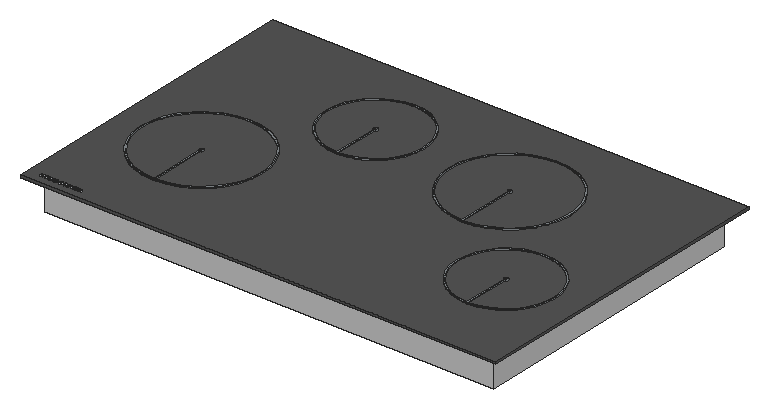
Revit family "FP_Revit_18_CI804CTB1_Cooktop_90001895A", category Specialty Equipment, Revit 2018
Family settings
  Round Connector Dimension = Use Diameter
  Part Type = Normal
  OmniClass Number = 23.40.40.14.17.11
  OmniClass Title = Cookers, Ovens, Stoves
  Work Plane-Based = No
  Always vertical = Yes
  Cut with Voids When Loaded = Yes
  Shared = No
  Room Calculation Point = No
Parameters
  Visibility - Clearance Required = yes
  URL = "www.fisherpaykel.com"
  Product - Width = 800 mm  # constant formula
  Product - Height = 61 mm  # constant formula
  Product - Depth = 530 mm  # constant formula
  Model = "CI804CTB1"
  Material - Graphics = Fisher & Paykel - Graphics Grey
  Material - Glass = Fisher & Paykel - Glass, Black
  Material - Body = Fisher & Paykel - Grey
  Manufacturer = "Fisher & Paykel Appliances"
  FFL Offset [instance] = 900 mm
  Description = "80cm Induction Cooktop"
  Connector Note - Electrical = "220-240 V, 32 A, 50 Hz,"
  Clearance - Side Combustible = 30 mm  # constant formula
  Clearance - Rear Combustible = 30 mm  # constant formula
  Clearance - Overhead Rangehood = 650 mm  # constant formula
  Clearance - Overhead Non-Combustible = 450 mm  # constant formula
  Clearance - Below = 72 mm  # constant formula
  Chassis - Width = 755 mm  # constant formula
  Chassis - Height = 56 mm  # constant formula
  Chassis - Depth = 485 mm  # constant formula
  Cavity - Width = 760 mm  # constant formula
  Cavity - Height = 72 mm  # constant formula
  Cavity - Depth = 490 mm  # constant formula
Reference planes
  plane 1 "Datum": y = 0
  plane 2: z = 0
  plane 3 "Center (Left/Right)": x = 0
  plane 4 "Product LHS": x = -400
  plane 5 "Product RHS": x = 400
  plane 6 "Product - Depth": y = 530
  plane 7 "Cavity LHS": x = -380
  plane 8 "Cavity RHS": x = 380
  plane 9 "Cavity - Depth": y = 510
  plane 10 "Chassis Front": y = 22.5
  plane 11 "Chassis - Depth": y = 507.5
  plane 12 "Cavity - Front": y = 20
  plane 13 "Benchtop": z = 900
  plane 14 "Glass": z = 905
Forms (mm)
  Extrusion 1, solid, material "Fisher & Paykel - Glass, Black" <- "Material - Glass"
    sketch origin (0, 0, 0) x (0, 1, 0) y (0, 0, 1)
      loop
        line (530, 905) -> (0, 905) -> (0, 901) -> (530, 901) -> (530, 905)
    from -400 to 400
  Extrusion 2, solid, material "Fisher & Paykel - Clearance Required (Cutout)", visible <- "Visibility - Clearance Required", detail levels coarse
    sketch origin (0, 24.768, 0) x (1, 0, 0) y (0, 1, 0)
      loop
        line (-380, 485.232) -> (-380, -4.768) -> (380, -4.768) -> (380, 485.232) -> (-380, 485.232)
    from 828 to 900
  Extrusion 3, solid, material "Fisher & Paykel - Clearance Required (Rangehood)", visible <- "Visibility - Clearance Required", detail levels coarse
    sketch origin (0, 0, 0) x (1, 0, 0) y (0, 1, 0)
      loop
        line (-407.5, 0) -> (407.5, 0) -> (407.5, 540) -> (-407.5, 540) -> (-407.5, 0)
    from 1350 to 1550
  Extrusion 4, solid, material "Fisher & Paykel - Grey" <- "Material - Body"
    sketch origin (0, 0, 0) x (0, 1, 0) y (0, 0, 1)
      loop
        line (507.5, 846.5) -> (507.5, 900) -> (22.5, 900) -> (22.5, 846.5) -> (507.5, 846.5)
    from -377.5 to 377.5
  Extrusion 5, solid, material "Fisher & Paykel - Grey" <- "Material - Body"
    sketch origin (-151, 0, 0) x (1, 0, 0) y (0, 1, 0)
      loop
        line (-239, 520.2) -> (-239, 10) -> (541, 10) -> (541, 520.2) -> (-239, 520.2)
    from 900 to 901
  Extrusion 6, solid, material "Fisher & Paykel - Graphics Grey" <- "Material - Graphics", detail levels fine
    sketch origin (0, 0, 0) x (1, 0, 0) y (0, 1, 0)
      loop
        circle (-111.47, 385.838) r 82.262
      loop
        circle (-111.47, 385.838) r 1.976
      loop
        line (-112.302, 382.675) -> (-112.302, 305.432)
        arc (-112.302, 305.432) -> (-111.47, 466.249) -> (-110.636, 305.432) r 80.411
        line (-110.636, 305.432) -> (-110.636, 382.675)
        arc (-110.636, 382.675) -> (-111.47, 389.109) -> (-112.302, 382.675) r 3.271
      loop
        circle (273.067, 179.237) r 82.262
      loop
        circle (273.067, 179.237) r 1.976
      loop
        line (272.235, 176.075) -> (272.235, 98.832)
        arc (272.235, 98.832) -> (273.066, 259.647) -> (273.901, 98.832) r 80.41
        line (273.901, 98.832) -> (273.901, 176.075)
        arc (273.901, 176.075) -> (273.066, 182.508) -> (272.235, 176.075) r 3.27
      loop
        circle (130.288, 365.932) r 1.826
      loop
        circle (130.288, 365.932) r 101.825
      loop
        line (129.558, 362.992) -> (129.558, 266.049)
        arc (129.558, 266.049) -> (130.294, 465.817) -> (131.05, 266.049) r 99.885
        line (131.05, 266.049) -> (131.05, 363.011)
        arc (131.05, 363.011) -> (130.229, 368.967) -> (129.558, 362.992) r 3.03
      loop
        circle (-255.334, 199.998) r 1.826
      loop
        circle (-255.334, 199.998) r 101.825
      loop
        line (-256.064, 197.059) -> (-256.064, 100.116)
        arc (-256.064, 100.116) -> (-255.329, 299.884) -> (-254.572, 100.116) r 99.885
        line (-254.572, 100.116) -> (-254.572, 197.078)
        arc (-254.572, 197.078) -> (-255.394, 203.033) -> (-256.064, 197.059) r 3.03
    from 905 to 906
  Extrusion 7, solid, material "Fisher & Paykel - Grey" <- "Material - Body", detail levels fine
    sketch origin (0, 0, 0) x (1, 0, 0) y (0, 1, 0)
      loop
        circle (0, 491.7) r 4
    from 831 to 844
  Extrusion 8, solid, material "Fisher & Paykel - Grey" <- "Material - Body", detail levels medium+fine
    sketch origin (0, 0, 0) x (0, 1, 0) y (0, 0, 1)
      loop
        line (410, 846.5) -> (410, 844) -> (501.4, 844) -> (501.4, 846.5) -> (410, 846.5)
    from -27 to 27
  Extrusion 9, solid, material "Fisher & Paykel - Clearance Required", visible <- "Visibility - Clearance Required", detail levels coarse
    sketch origin (0, 0, 0) x (1, 0, 0) y (0, 1, 0)
      loop
        line (-407.5, 0) -> (407.5, 0) -> (407.5, 540) -> (-407.5, 540) -> (-407.5, 0)
    from 900 to 1350
  Extrusion 10, void
    sketch origin (0, 24.768, 0) x (1, 0, 0) y (0, 1, 0)
      loop
        line (-380, 485.232) -> (-380, -4.768) -> (380, -4.768) -> (380, 485.232) -> (-380, 485.232)
    from 828 to 900
Text (mm)
  text "Due to ongoing product development, product details are subject to change without notice. \nPlease always refer to www.fisherpaykel.com for the most current product information. \n© Fisher & Paykel 2020" at (41.04, -502.478, 0), in view "Ref. Level (Plan)"
Dimensions and locks
  equal spacing: plane 4 "Product LHS", plane 3 "Center (Left/Right)", plane 5 "Product RHS"
  "Product - Width": plane 4 "Product LHS" to plane 5 "Product RHS"
  equal spacing: plane 7 "Cavity LHS", plane 3 "Center (Left/Right)", plane 8 "Cavity RHS"
  "Cavity - Width": plane 7 "Cavity LHS" to plane 8 "Cavity RHS"
  "Product - Depth": Extrusion 1 to plane 1 "Datum"
  equal spacing: Extrusion 4, plane 3 "Center (Left/Right)", Extrusion 4
  "Chassis - Width": Extrusion 4 to Extrusion 4
  equal spacing: Extrusion 5, plane 3 "Center (Left/Right)", Extrusion 5
  locked: plane 14 "Glass" to plane 13 "Benchtop" at 5
  "FFL Offset": plane 13 "Benchtop" to level
  "Clearance - Below": plane 13 "Benchtop" to Extrusion 2
  locked: Extrusion 6 to plane 14 "Glass" at 1
  locked: nested 1 to plane 14 "Glass" at 0.8
  "Clearance - Rear Combustible": Extrusion 3 to plane 9 "Cavity - Depth"
  locked: plane 10 "Chassis Front" to plane 1 "Datum" at 22.5
  locked: plane 10 "Chassis Front" to plane 12 "Cavity - Front" at 2.5
  "Cavity - Depth": plane 9 "Cavity - Depth" to plane 12 "Cavity - Front"
  equal spacing: Extrusion 8, plane 3 "Center (Left/Right)", Extrusion 8
  "Clearance - Overhead Rangehood": Extrusion 3 to plane 13 "Benchtop"
  "Chassis - Height": plane 13 "Benchtop" to Extrusion 8
  locked: Extrusion 4 to plane 13 "Benchtop" at 53.5
  locked: Extrusion 7 to plane 13 "Benchtop" at 69
  locked: Extrusion 1 to plane 13 "Benchtop" at 1
  plane 1 "Datum" to Extrusion 1 = 530 mm
  "Clearance - Overhead Non-Combustible": Extrusion 3 to plane 13 "Benchtop"
  "Clearance - Side Combustible": Extrusion 3 to Extrusion 4
  "Clearance - Side Combustible": Extrusion 4 to Extrusion 3
  aligned and locked: level to plane 2
  aligned and locked: Extrusion 1 to plane 5 "Product RHS"
  aligned and locked: plane 4 "Product LHS" to Extrusion 1
  aligned and locked: Extrusion 2 to plane 9 "Cavity - Depth"
  aligned and locked: plane 11 "Chassis - Depth" to Extrusion 4
  aligned and locked: Extrusion 4 to Extrusion 5
  aligned and locked: plane 13 "Benchtop" to Extrusion 4
  aligned and locked: Extrusion 2 to Extrusion 4
  aligned and locked: Extrusion 5 to Extrusion 1
  aligned and locked: Extrusion 7 to Extrusion 8
  aligned and locked: Extrusion 8 to Extrusion 4
  aligned and locked: Extrusion 6 to Extrusion 1
  aligned and locked: plane 14 "Glass" to Extrusion 1
  aligned and locked: Extrusion 9 to Extrusion 3  (x2)
  aligned and locked: Extrusion 9 to plane 13 "Benchtop"
  aligned and locked: Extrusion 10 to Extrusion 2  (x2)
  aligned and locked: Extrusion 3 to Extrusion 9  (x2)
Automatic sketch dimensions
  Extrusion 1 sketch curve to plane 1 "Datum" = 0 mm
  Extrusion 1 sketch curve to plane 6 "Product - Depth" = 0 mm
  Extrusion 1 sketch curve to plane 14 "Glass" = 0 mm
  plane 13 "Benchtop" to Extrusion 1 sketch curve = 1 mm
  Extrusion 2 sketch curve to plane 12 "Cavity - Front" = 0 mm
  plane 9 "Cavity - Depth" to Extrusion 2 sketch curve = 0 mm
  plane 7 "Cavity LHS" to Extrusion 2 sketch curve = 0 mm
  Extrusion 2 sketch curve to plane 8 "Cavity RHS" = 0 mm
  Extrusion 4 sketch curve to plane 10 "Chassis Front" = 0 mm
  Extrusion 4 sketch curve to plane 11 "Chassis - Depth" = 0 mm
  Extrusion 4 sketch curve to plane 13 "Benchtop" = 0 mm
  Extrusion 4 sketch curve to plane 13 "Benchtop" = 53.5 mm
  Extrusion 6 sketch curve to Extrusion 6 sketch curve = 0 mm  (x19)
  Extrusion 6 sketch curve to plane 7 "Cavity LHS" = 123.936 mm
  Extrusion 6 sketch curve to Extrusion 6 sketch curve = 0.709 mm  (x2)
  Extrusion 6 sketch curve to Extrusion 6 sketch curve = 0.021 mm  (x2)
  Extrusion 6 sketch curve to Extrusion 6 sketch curve = 0.011 mm  (x2)
  Extrusion 6 sketch curve to Extrusion 6 sketch curve = 1.492 mm  (x2)
  Extrusion 6 sketch curve to plane 3 "Center (Left/Right)" = 111.47 mm
  Extrusion 6 sketch curve to Extrusion 6 sketch curve = 0.834 mm
  plane 3 "Center (Left/Right)" to Extrusion 6 sketch curve = 129.558 mm
  plane 8 "Cavity RHS" to Extrusion 6 sketch curve = 107.765 mm
  Extrusion 6 sketch curve to Extrusion 6 sketch curve = 0.832 mm
  Extrusion 6 sketch curve to Extrusion 6 sketch curve = 1.666 mm  (x2)
  plane 10 "Chassis Front" to Extrusion 6 sketch curve = 76.332 mm
  plane 10 "Chassis Front" to Extrusion 6 sketch curve = 77.616 mm
  Extrusion 6 sketch curve to Extrusion 6 sketch curve = 77.243 mm  (x2)
  Extrusion 6 sketch curve to Extrusion 6 sketch curve = 96.943 mm  (x2)
  Extrusion 6 sketch curve to Extrusion 6 sketch curve = 0.019 mm  (x2)
  Extrusion 6 sketch curve to Extrusion 6 sketch curve = 0.006 mm  (x2)
  Extrusion 6 sketch curve to Extrusion 6 sketch curve = 86.811 mm
  Extrusion 6 sketch curve to Extrusion 6 sketch curve = 105.434 mm
  Extrusion 6 sketch curve to Extrusion 6 sketch curve = 3.163 mm
  Extrusion 7 sketch curve to plane 3 "Center (Left/Right)" = 0 mm
  Extrusion 7 sketch curve to plane 11 "Chassis - Depth" = 15.8 mm
  Extrusion 8 sketch curve to plane 11 "Chassis - Depth" = 97.5 mm
  Extrusion 8 sketch curve to plane 11 "Chassis - Depth" = 6.1 mm
  Extrusion 8 sketch curve to plane 13 "Benchtop" = 56 mm
  Extrusion 8 sketch curve to Extrusion 8 sketch curve = 2.5 mm
  plane 1 "Datum" to Extrusion 9 sketch curve = 0 mm
  plane 4 "Product LHS" to Extrusion 9 sketch curve = 7.5 mm
  Extrusion 9 sketch curve to plane 5 "Product RHS" = 7.5 mm
  plane 6 "Product - Depth" to Extrusion 9 sketch curve = 10 mm
  Extrusion 10 sketch curve to plane 12 "Cavity - Front" = 0 mm
  plane 9 "Cavity - Depth" to Extrusion 10 sketch curve = 0 mm
  plane 7 "Cavity LHS" to Extrusion 10 sketch curve = 0 mm
  Extrusion 10 sketch curve to plane 8 "Cavity RHS" = 0 mm
  Extrusion 5 sketch curve to plane 4 "Product LHS" = 10 mm
  plane 5 "Product RHS" to Extrusion 5 sketch curve = 10 mm
  Extrusion 5 sketch curve to plane 1 "Datum" = 10 mm
  Extrusion 5 sketch curve to plane 6 "Product - Depth" = 9.8 mm
  plane 1 "Datum" to Extrusion 3 sketch curve = 0 mm
  plane 6 "Product - Depth" to Extrusion 3 sketch curve = 10 mm
  plane 4 "Product LHS" to Extrusion 3 sketch curve = 7.5 mm
  Extrusion 3 sketch curve to plane 8 "Cavity RHS" = 27.5 mm
  radius of Extrusion 6 sketch curve = 82.262 mm  (x2)
  radius of Extrusion 6 sketch curve = 1.976 mm  (x2)
  radius of Extrusion 6 sketch curve = 1.826 mm  (x2)
  radius of Extrusion 6 sketch curve = 101.825 mm  (x2)
  radius of Extrusion 7 sketch curve = 4 mm
Nested families
  nested 1: "F&P Logo 70mm Horizontal" at (-344.001, 14.253, 905), type "F&P Logo 70mm Horizontal"
Connectors
  electrical at (0, 491.7, 831), driven by "Connector Note - Electrical"
    settings: on Extrusion 7, index 1, voltage 230 V, apparent load 0 VA, apparent load phase1 0 VA, apparent load phase2 0 VA, apparent load phase3 0 VA, power factor 1, load classification "Other", number of poles 1, system type 30, power factor state 1, is connector primary yes, connector utility no, sub classification motor no, connector description "220-240 V, 32 A, 50 Hz,"
Definition of nested family "F&P Logo 70mm Horizontal"
  Parameters (values of type "F&P Logo 70mm Horizontal")
    URL = "www.fisherpaykel.com"
    Material - Logo = none
    Manufacturer = "Fisher & Paykel Appliances"
  Reference planes
    plane 1 "Center (Front/Back)": y = 0
    plane 2: z = 0
    plane 3 "Center (Left/Right)": x = 0
  Forms (mm)
    Extrusion 1, solid, material <- "Material - Logo", detail levels fine
      sketch origin (0, 0, 0) x (1, 0, 0) y (0, 1, 0)
        loop
          line (-34.997, -0.356) -> (-33.895, -0.356) -> (-33.895, 1.141) -> (-32.174, 1.141) -> (-32.174, 2.075) -> (-33.895, 2.075) -> (-33.895, 2.943) -> (-32.023, 2.943) -> (-32.023, 3.872) -> (-34.997, 3.872) -> (-34.997, -0.356)
        loop
          line (-29.929, 3.872) -> (-29.929, -0.356) -> (-28.828, -0.356) -> (-28.828, 3.872) -> (-29.929, 3.872)
        loop
          line (-21.473, 3.872) -> (-21.473, -0.356) -> (-20.372, -0.356) -> (-20.372, 1.338) -> (-18.754, 1.338) -> (-18.754, -0.356) -> (-17.652, -0.356) -> (-17.652, 3.872) -> (-18.754, 3.872) -> (-18.754, 2.268) -> (-20.372, 2.268) -> (-20.372, 3.872) -> (-21.473, 3.872)
        loop
          line (-15.301, 3.872) -> (-15.301, -0.356) -> (-12.288, -0.356) -> (-12.288, 0.444) -> (-14.209, 0.444) -> (-14.209, 1.338) -> (-12.453, 1.338) -> (-12.453, 2.268) -> (-14.209, 2.268) -> (-14.209, 3.072) -> (-12.288, 3.072) -> (-12.288, 3.872) -> (-15.301, 3.872)
        loop
          line (32, 3.872) -> (32, -0.356) -> (35.003, -0.356) -> (35.003, 0.574) -> (33.102, 0.574) -> (33.102, 3.872) -> (32, 3.872)
        loop
          line (29.735, 3.872) -> (26.712, 3.872) -> (26.712, -0.356) -> (29.735, -0.356) -> (29.735, 0.444) -> (27.814, 0.444) -> (27.814, 1.338) -> (29.57, 1.338) -> (29.57, 2.268) -> (27.814, 2.268) -> (27.814, 3.072) -> (29.735, 3.072) -> (29.735, 3.872)
        loop
          line (23.449, 1.848) -> (25.012, 3.872) -> (23.724, 3.872) -> (22.374, 2.124) -> (22.374, 3.872) -> (21.273, 3.872) -> (21.273, -0.356) -> (22.374, -0.356) -> (22.374, 1.538) -> (23.765, -0.356) -> (25.067, -0.356) -> (23.449, 1.848)
        loop
          line (15.42, 3.872) -> (17.017, 1.338) -> (17.017, -0.356) -> (18.119, -0.356) -> (18.119, 1.283) -> (19.717, 3.872) -> (18.546, 3.872) -> (17.603, 2.239) -> (16.66, 3.872) -> (15.42, 3.872)
        loop
          line (12.969, 3.872) -> (11.922, 3.872) -> (10.2, -0.356) -> (11.282, -0.356) -> (11.585, 0.422) -> (13.278, 0.422) -> (13.581, -0.356) -> (14.69, -0.356) -> (12.969, 3.872)
        loop
          line (12.913, 1.352) -> (12.419, 2.566) -> (11.946, 1.352) -> (12.913, 1.352)
        loop
          line (5.556, 3.872) -> (5.556, -0.356) -> (6.653, -0.356) -> (6.653, 1.001) -> (7.453, 1.001)
          spline (7.453, 1.001) -> (7.884, 1.05) -> (8.285, 1.193) -> (8.63, 1.421) -> (8.895, 1.719) -> (9.061, 2.065) -> (9.118, 2.436) -> (9.061, 2.808) -> (8.895, 3.154) -> (8.63, 3.452) -> (8.285, 3.68) -> (7.884, 3.823) -> (7.453, 3.872)
          line (7.453, 3.872) -> (5.556, 3.872)
        loop
          spline (7.385, 1.882) -> (7.558, 1.9) -> (7.72, 1.953) -> (7.858, 2.037) -> (7.965, 2.147) -> (8.032, 2.275) -> (8.055, 2.412) -> (8.032, 2.55) -> (7.965, 2.677) -> (7.858, 2.787) -> (7.72, 2.872) -> (7.558, 2.924) -> (7.385, 2.943)
          line (7.385, 2.943) -> (6.585, 2.943) -> (6.585, 1.882) -> (7.385, 1.882)
        loop
          line (-8.294, 2.943) -> (-9.094, 2.943) -> (-9.094, 1.781) -> (-8.294, 1.781)
          spline (-8.294, 1.781) -> (-8.121, 1.801) -> (-7.96, 1.859) -> (-7.822, 1.951) -> (-7.716, 2.072) -> (-7.649, 2.212) -> (-7.626, 2.362) -> (-7.649, 2.512) -> (-7.716, 2.652) -> (-7.822, 2.772) -> (-7.96, 2.865) -> (-8.121, 2.923) -> (-8.294, 2.943)
        loop
          line (-8.214, 3.872) -> (-10.262, 3.872) -> (-10.262, -0.356) -> (-9.094, -0.356) -> (-9.094, 0.492) -> (-8.294, 0.492) -> (-7.647, -0.356) -> (-6.373, -0.356) -> (-7.445, 1.016)
          spline (-7.445, 1.016) -> (-7.148, 1.205) -> (-6.902, 1.45) -> (-6.72, 1.739) -> (-6.611, 2.058) -> (-6.58, 2.391) -> (-6.628, 2.723) -> (-6.754, 3.037) -> (-6.95, 3.317) -> (-7.208, 3.551) -> (-7.515, 3.726) -> (-7.856, 3.835) -> (-8.214, 3.872)
        loop
          line (0.368, 2.943) -> (0.368, 3.951) -> (-2.559, 3.951) -> (-2.559, 3.151) -> (-2.048, 2.522)
          spline (-2.048, 2.522) -> (-2.373, 2.187) -> (-2.606, 1.789) -> (-2.731, 1.355) -> (-2.74, 0.914) -> (-2.632, 0.497) -> (-2.414, 0.133) -> (-2.102, -0.155) -> (-1.716, -0.347) -> (-1.283, -0.429) -> (-0.832, -0.395) -> (-0.395, -0.249) -> (0, 0)
          line (0, 0) -> (0.504, -0.621) -> (1.644, -0.621) -> (0.602, 0.712) -> (1.591, 2.137) -> (0.459, 2.137) -> (0.003, 1.48) -> (-1.14, 2.943) -> (0.368, 2.943)
        loop
          spline (-1.353, 1.874) -> (-1.563, 1.673) -> (-1.729, 1.449) -> (-1.839, 1.217) -> (-1.886, 0.992) -> (-1.867, 0.792) -> (-1.783, 0.627) -> (-1.639, 0.511) -> (-1.447, 0.451) -> (-1.218, 0.451) -> (-0.968, 0.512) -> (-0.714, 0.628) -> (-0.475, 0.792)
          line (-0.475, 0.792) -> (-1.353, 1.874)
        loop
          arc (-25.449, 3.004) -> (-24.591, 2.949) -> (-23.808, 2.592) r 2.379
          line (-23.808, 2.592) -> (-23.808, 3.586)
          arc (-23.808, 3.586) -> (-24.619, 3.915) -> (-25.494, 3.936) r 2.437
          arc (-25.494, 3.936) -> (-26.617, 2.99) -> (-26.18, 1.588) r 1.327
          arc (-26.18, 1.588) -> (-25.746, 1.367) -> (-25.276, 1.236) r 2.46
          spline (-25.276, 1.236) -> (-25.124, 1.211) -> (-24.98, 1.158) -> (-24.856, 1.083) -> (-24.761, 0.989) -> (-24.703, 0.886) -> (-24.686, 0.78) -> (-24.713, 0.681) -> (-24.78, 0.596) -> (-24.882, 0.532) -> (-25.011, 0.494) -> (-25.158, 0.485) -> (-25.311, 0.505)
          arc (-25.311, 0.505) -> (-26.045, 0.647) -> (-26.714, 0.98) r 2.761
          line (-26.714, 0.98) -> (-26.714, -0.067)
          arc (-26.714, -0.067) -> (-25.66, -0.377) -> (-24.564, -0.318) r 3.237
          arc (-24.564, -0.318) -> (-23.597, 0.72) -> (-24.205, 2.002) r 1.263
          arc (-24.205, 2.002) -> (-24.834, 2.249) -> (-25.488, 2.42) r 5.78
          spline (-25.488, 2.42) -> (-25.537, 2.449) -> (-25.58, 2.49) -> (-25.615, 2.541) -> (-25.639, 2.6) -> (-25.653, 2.664) -> (-25.654, 2.73) -> (-25.644, 2.795) -> (-25.622, 2.856) -> (-25.59, 2.909) -> (-25.549, 2.953) -> (-25.502, 2.985) -> (-25.449, 3.004)
      from 0 to 0.8
  Dimensions and locks
    Extrusion 1 sketch curve to Extrusion 1 sketch curve = 70 mm
    aligned and locked: level to plane 2
